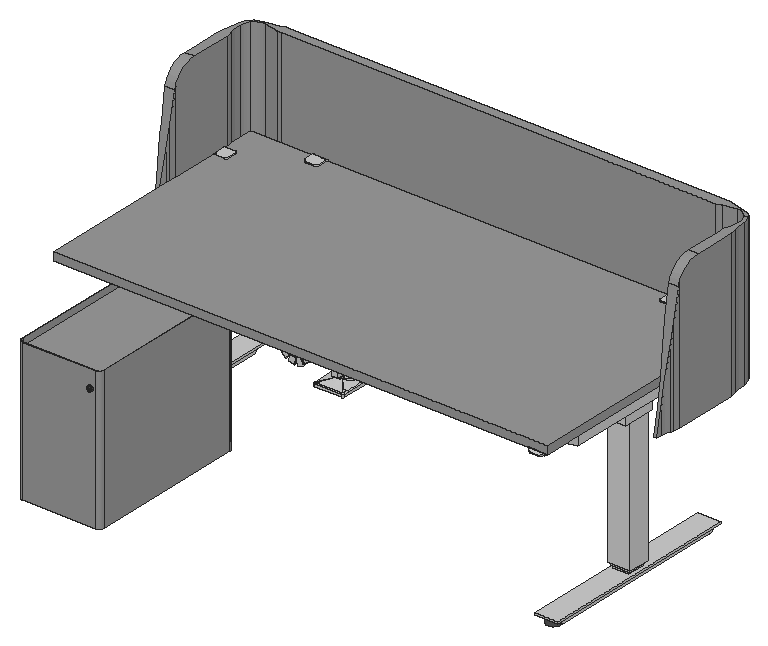
Revit family "Haworth_HiYa_MotorDriven_Rectangle_Desk_EU_PRELIMINARY", category Furniture Systems, Revit 2018 (continued)
Definition of nested family "Haworth_CableChain_PART"
  Automatic sketch dimensions
    Extrusion 38 sketch curve to plane 8 = 0.664 cm
    Extrusion 38 sketch curve to Extrusion 38 sketch curve = 0.1216 cm
    Extrusion 38 sketch curve to Extrusion 38 sketch curve = 0.1182 cm
    plane 8 to Extrusion 38 sketch curve = 0.1338 cm
    Extrusion 38 sketch curve to Extrusion 38 sketch curve = 0.5623 cm
    Extrusion 38 sketch curve to plane 8 = 0.2227 cm
    Extrusion 38 sketch curve to Extrusion 38 sketch curve = 0.3491 cm
    Extrusion 38 sketch curve to Extrusion 38 sketch curve = 0.0072 cm
    Extrusion 38 sketch curve to Extrusion 38 sketch curve = 0.0001 cm
    Extrusion 38 sketch curve to Extrusion 38 sketch curve = 0.093 cm
    Extrusion 38 sketch curve to Extrusion 38 sketch curve = 0.2544 cm
    plane 8 to Extrusion 38 sketch curve = 0.2193 cm
    Extrusion 38 sketch curve to Extrusion 38 sketch curve = 0.1316 cm
    plane 8 to Extrusion 38 sketch curve = 0.0365 cm  (x2)
    Extrusion 38 sketch curve to Extrusion 38 sketch curve = 0.1194 cm
    Extrusion 38 sketch curve to Extrusion 38 sketch curve = 0.4361 cm
    Extrusion 38 sketch curve to Extrusion 38 sketch curve = 0.5676 cm
    plane 8 to Extrusion 38 sketch curve = 0.3839 cm
    Extrusion 38 sketch curve to Extrusion 38 sketch curve = 0.1185 cm  (x2)
    Extrusion 38 sketch curve to Extrusion 38 sketch curve = 1.826 cm
    Extrusion 38 sketch curve to Extrusion 38 sketch curve = 0.0015 cm
    Extrusion 38 sketch curve to Extrusion 38 sketch curve = 0.004 cm
    Extrusion 38 sketch curve to Extrusion 38 sketch curve = 0.0594 cm
    Extrusion 38 sketch curve to Extrusion 38 sketch curve = 0.2783 cm
    Extrusion 38 sketch curve to Extrusion 38 sketch curve = 0.3474 cm
    Extrusion 39 sketch curve to plane 8 = 2.6242 cm
    Extrusion 39 sketch curve to Extrusion 39 sketch curve = 0 cm
    Extrusion 39 sketch curve to Extrusion 39 sketch curve = 0.2183 cm  (x6)
    Extrusion 39 sketch curve to plane 8 = 0.4827 cm  (x2)
    Extrusion 39 sketch curve to Extrusion 39 sketch curve = 0.3167 cm
    Extrusion 39 sketch curve to plane 8 = 0.664 cm
    Extrusion 39 sketch curve to Extrusion 39 sketch curve = 0.1216 cm
    Extrusion 39 sketch curve to Extrusion 39 sketch curve = 0.1182 cm
    plane 8 to Extrusion 39 sketch curve = 0.1338 cm
    Extrusion 39 sketch curve to Extrusion 39 sketch curve = 0.5623 cm
    Extrusion 39 sketch curve to plane 8 = 0.2227 cm
    Extrusion 39 sketch curve to Extrusion 39 sketch curve = 0.3491 cm
    Extrusion 39 sketch curve to Extrusion 39 sketch curve = 0.0072 cm
    Extrusion 39 sketch curve to Extrusion 39 sketch curve = 0.0001 cm
    Extrusion 39 sketch curve to Extrusion 39 sketch curve = 0.093 cm
    Extrusion 39 sketch curve to Extrusion 39 sketch curve = 0.2544 cm
    plane 8 to Extrusion 39 sketch curve = 0.2193 cm
    Extrusion 39 sketch curve to Extrusion 39 sketch curve = 0.1316 cm
    plane 8 to Extrusion 39 sketch curve = 0.0365 cm  (x2)
    Extrusion 39 sketch curve to Extrusion 39 sketch curve = 0.1194 cm
    Extrusion 39 sketch curve to Extrusion 39 sketch curve = 0.4361 cm
    Extrusion 39 sketch curve to Extrusion 39 sketch curve = 0.5676 cm
    plane 8 to Extrusion 39 sketch curve = 0.3839 cm
    Extrusion 39 sketch curve to Extrusion 39 sketch curve = 0.1185 cm  (x2)
    Extrusion 39 sketch curve to Extrusion 39 sketch curve = 1.826 cm
    Extrusion 39 sketch curve to Extrusion 39 sketch curve = 0.0015 cm
    Extrusion 39 sketch curve to Extrusion 39 sketch curve = 0.004 cm
    Extrusion 39 sketch curve to Extrusion 39 sketch curve = 0.0594 cm
    Extrusion 39 sketch curve to Extrusion 39 sketch curve = 0.2783 cm
    Extrusion 39 sketch curve to Extrusion 39 sketch curve = 0.3474 cm
    Extrusion 40 sketch curve to plane 8 = 2.6242 cm
    Extrusion 40 sketch curve to Extrusion 40 sketch curve = 0 cm
    Extrusion 40 sketch curve to Extrusion 40 sketch curve = 0.2183 cm  (x6)
    Extrusion 40 sketch curve to plane 8 = 0.4827 cm  (x2)
    Extrusion 40 sketch curve to Extrusion 40 sketch curve = 0.3167 cm
    Extrusion 40 sketch curve to plane 8 = 0.664 cm
    Extrusion 40 sketch curve to Extrusion 40 sketch curve = 0.1216 cm
    Extrusion 40 sketch curve to Extrusion 40 sketch curve = 0.1182 cm
    plane 8 to Extrusion 40 sketch curve = 0.1338 cm
    Extrusion 40 sketch curve to Extrusion 40 sketch curve = 0.5623 cm
    Extrusion 40 sketch curve to plane 8 = 0.2227 cm
    Extrusion 40 sketch curve to Extrusion 40 sketch curve = 0.3491 cm
    Extrusion 40 sketch curve to Extrusion 40 sketch curve = 0.0072 cm
    Extrusion 40 sketch curve to Extrusion 40 sketch curve = 0.0001 cm
    Extrusion 40 sketch curve to Extrusion 40 sketch curve = 0.093 cm
    Extrusion 40 sketch curve to Extrusion 40 sketch curve = 0.2544 cm
    plane 8 to Extrusion 40 sketch curve = 0.2193 cm
    Extrusion 40 sketch curve to Extrusion 40 sketch curve = 0.1316 cm
    plane 8 to Extrusion 40 sketch curve = 0.0365 cm  (x2)
    Extrusion 40 sketch curve to Extrusion 40 sketch curve = 0.1194 cm
    Extrusion 40 sketch curve to Extrusion 40 sketch curve = 0.4361 cm
    Extrusion 40 sketch curve to Extrusion 40 sketch curve = 0.5676 cm
    plane 8 to Extrusion 40 sketch curve = 0.3839 cm
    Extrusion 40 sketch curve to Extrusion 40 sketch curve = 0.1185 cm  (x2)
    Extrusion 40 sketch curve to Extrusion 40 sketch curve = 1.826 cm
    Extrusion 40 sketch curve to Extrusion 40 sketch curve = 0.0015 cm
    Extrusion 40 sketch curve to Extrusion 40 sketch curve = 0.004 cm
    Extrusion 40 sketch curve to Extrusion 40 sketch curve = 0.0594 cm
    Extrusion 40 sketch curve to Extrusion 40 sketch curve = 0.2783 cm
    Extrusion 40 sketch curve to Extrusion 40 sketch curve = 0.3474 cm
    Extrusion 41 sketch curve to plane 8 = 2.6242 cm
    Extrusion 41 sketch curve to Extrusion 41 sketch curve = 0 cm
    Extrusion 41 sketch curve to Extrusion 41 sketch curve = 0.2183 cm  (x6)
    Extrusion 41 sketch curve to plane 8 = 0.4827 cm  (x2)
    Extrusion 41 sketch curve to Extrusion 41 sketch curve = 0.3167 cm
    Extrusion 41 sketch curve to plane 8 = 0.664 cm
    Extrusion 41 sketch curve to Extrusion 41 sketch curve = 0.1216 cm
    Extrusion 41 sketch curve to Extrusion 41 sketch curve = 0.1182 cm
    plane 8 to Extrusion 41 sketch curve = 0.1338 cm
    Extrusion 41 sketch curve to Extrusion 41 sketch curve = 0.5623 cm
    Extrusion 41 sketch curve to plane 8 = 0.2227 cm
    Extrusion 41 sketch curve to Extrusion 41 sketch curve = 0.3491 cm
    Extrusion 41 sketch curve to Extrusion 41 sketch curve = 0.0072 cm
    Extrusion 41 sketch curve to Extrusion 41 sketch curve = 0.0001 cm
    Extrusion 41 sketch curve to Extrusion 41 sketch curve = 0.093 cm
    Extrusion 41 sketch curve to Extrusion 41 sketch curve = 0.2544 cm
    plane 8 to Extrusion 41 sketch curve = 0.2193 cm
    Extrusion 41 sketch curve to Extrusion 41 sketch curve = 0.1316 cm
    plane 8 to Extrusion 41 sketch curve = 0.0365 cm  (x2)
    Extrusion 41 sketch curve to Extrusion 41 sketch curve = 0.1194 cm
    Extrusion 41 sketch curve to Extrusion 41 sketch curve = 0.4361 cm
    Extrusion 41 sketch curve to Extrusion 41 sketch curve = 0.5676 cm
    plane 8 to Extrusion 41 sketch curve = 0.3839 cm
    Extrusion 41 sketch curve to Extrusion 41 sketch curve = 0.1185 cm  (x2)
    Extrusion 41 sketch curve to Extrusion 41 sketch curve = 1.826 cm
    Extrusion 41 sketch curve to Extrusion 41 sketch curve = 0.0015 cm
    Extrusion 41 sketch curve to Extrusion 41 sketch curve = 0.004 cm
    Extrusion 41 sketch curve to Extrusion 41 sketch curve = 0.0594 cm
    Extrusion 41 sketch curve to Extrusion 41 sketch curve = 0.2783 cm
    Extrusion 41 sketch curve to Extrusion 41 sketch curve = 0.3474 cm
    Extrusion 42 sketch curve to plane 8 = 2.6242 cm
    Extrusion 42 sketch curve to Extrusion 42 sketch curve = 0 cm
    Extrusion 42 sketch curve to Extrusion 42 sketch curve = 0.2183 cm  (x6)
    Extrusion 42 sketch curve to plane 8 = 0.4827 cm  (x2)
    Extrusion 42 sketch curve to Extrusion 42 sketch curve = 0.3167 cm
    Extrusion 42 sketch curve to plane 8 = 0.664 cm
    Extrusion 42 sketch curve to Extrusion 42 sketch curve = 0.1216 cm
    Extrusion 42 sketch curve to Extrusion 42 sketch curve = 0.1182 cm
    plane 8 to Extrusion 42 sketch curve = 0.1338 cm
    Extrusion 42 sketch curve to Extrusion 42 sketch curve = 0.5623 cm
    Extrusion 42 sketch curve to plane 8 = 0.2227 cm
    Extrusion 42 sketch curve to Extrusion 42 sketch curve = 0.3491 cm
    Extrusion 42 sketch curve to Extrusion 42 sketch curve = 0.0072 cm
    Extrusion 42 sketch curve to Extrusion 42 sketch curve = 0.0001 cm
    Extrusion 42 sketch curve to Extrusion 42 sketch curve = 0.093 cm
    Extrusion 42 sketch curve to Extrusion 42 sketch curve = 0.2544 cm
    plane 8 to Extrusion 42 sketch curve = 0.2193 cm
    Extrusion 42 sketch curve to Extrusion 42 sketch curve = 0.1316 cm
    plane 8 to Extrusion 42 sketch curve = 0.0365 cm  (x2)
    Extrusion 42 sketch curve to Extrusion 42 sketch curve = 0.1194 cm
    Extrusion 42 sketch curve to Extrusion 42 sketch curve = 0.4361 cm
    Extrusion 42 sketch curve to Extrusion 42 sketch curve = 0.5676 cm
    Extrusion 42 sketch curve to Extrusion 42 sketch curve = 0.2846 cm
    Extrusion 42 sketch curve to Extrusion 42 sketch curve = 0.1185 cm  (x2)
    Extrusion 42 sketch curve to Extrusion 42 sketch curve = 0.0655 cm
    Extrusion 42 sketch curve to Extrusion 42 sketch curve = 0.062 cm
    Extrusion 42 sketch curve to Extrusion 42 sketch curve = 0.0026 cm
    Extrusion 42 sketch curve to Extrusion 42 sketch curve = 0.004 cm
    plane 8 to Extrusion 42 sketch curve = 0.3839 cm
    Extrusion 42 sketch curve to Extrusion 42 sketch curve = 1.5308 cm
    Extrusion 43 sketch curve to plane 8 = 2.6242 cm
    Extrusion 43 sketch curve to Extrusion 43 sketch curve = 0 cm
    Extrusion 43 sketch curve to Extrusion 43 sketch curve = 0.2183 cm  (x6)
    Extrusion 43 sketch curve to plane 8 = 0.4827 cm  (x2)
    Extrusion 43 sketch curve to Extrusion 43 sketch curve = 0.3167 cm
    Extrusion 43 sketch curve to plane 8 = 0.664 cm
    Extrusion 43 sketch curve to Extrusion 43 sketch curve = 0.1216 cm
    Extrusion 43 sketch curve to Extrusion 43 sketch curve = 0.1182 cm
    plane 8 to Extrusion 43 sketch curve = 0.1338 cm
    Extrusion 43 sketch curve to Extrusion 43 sketch curve = 0.5623 cm
    Extrusion 43 sketch curve to plane 8 = 0.2227 cm
    Extrusion 43 sketch curve to Extrusion 43 sketch curve = 0.3491 cm
    Extrusion 43 sketch curve to Extrusion 43 sketch curve = 0.0072 cm
    Extrusion 43 sketch curve to Extrusion 43 sketch curve = 0.0001 cm
    Extrusion 43 sketch curve to Extrusion 43 sketch curve = 0.093 cm
    Extrusion 43 sketch curve to Extrusion 43 sketch curve = 0.2544 cm
    plane 8 to Extrusion 43 sketch curve = 0.2193 cm
    Extrusion 43 sketch curve to Extrusion 43 sketch curve = 0.1316 cm
    plane 8 to Extrusion 43 sketch curve = 0.0365 cm  (x2)
    Extrusion 43 sketch curve to Extrusion 43 sketch curve = 0.1194 cm
    Extrusion 43 sketch curve to Extrusion 43 sketch curve = 0.4361 cm
    Extrusion 43 sketch curve to Extrusion 43 sketch curve = 0.5676 cm
    Extrusion 43 sketch curve to Extrusion 43 sketch curve = 0.2846 cm
    Extrusion 43 sketch curve to Extrusion 43 sketch curve = 0.1185 cm  (x2)
    Extrusion 43 sketch curve to Extrusion 43 sketch curve = 0.0655 cm
    Extrusion 43 sketch curve to Extrusion 43 sketch curve = 0.062 cm
    Extrusion 43 sketch curve to Extrusion 43 sketch curve = 0.0026 cm
    Extrusion 43 sketch curve to Extrusion 43 sketch curve = 0.004 cm
    plane 8 to Extrusion 43 sketch curve = 0.3839 cm
    Extrusion 43 sketch curve to Extrusion 43 sketch curve = 1.5308 cm
    Extrusion 44 sketch curve to plane 8 = 2.6242 cm
    Extrusion 44 sketch curve to Extrusion 44 sketch curve = 0 cm
    Extrusion 44 sketch curve to Extrusion 44 sketch curve = 0.2183 cm  (x6)
    Extrusion 44 sketch curve to plane 8 = 0.4827 cm  (x2)
    Extrusion 44 sketch curve to Extrusion 44 sketch curve = 0.3167 cm
    Extrusion 44 sketch curve to plane 8 = 0.664 cm
    Extrusion 44 sketch curve to Extrusion 44 sketch curve = 0.1216 cm
    Extrusion 44 sketch curve to Extrusion 44 sketch curve = 0.1182 cm
    plane 8 to Extrusion 44 sketch curve = 0.1338 cm
    Extrusion 44 sketch curve to Extrusion 44 sketch curve = 0.5623 cm
    Extrusion 44 sketch curve to plane 8 = 0.2227 cm
    Extrusion 44 sketch curve to Extrusion 44 sketch curve = 0.3491 cm
    Extrusion 44 sketch curve to Extrusion 44 sketch curve = 0.0072 cm
    Extrusion 44 sketch curve to Extrusion 44 sketch curve = 0.0001 cm
    Extrusion 44 sketch curve to Extrusion 44 sketch curve = 0.093 cm
    Extrusion 44 sketch curve to Extrusion 44 sketch curve = 0.2544 cm
    plane 8 to Extrusion 44 sketch curve = 0.2193 cm
    Extrusion 44 sketch curve to Extrusion 44 sketch curve = 0.1316 cm
    plane 8 to Extrusion 44 sketch curve = 0.0365 cm  (x2)
    Extrusion 44 sketch curve to Extrusion 44 sketch curve = 0.1194 cm
    Extrusion 44 sketch curve to Extrusion 44 sketch curve = 0.4361 cm
    Extrusion 44 sketch curve to Extrusion 44 sketch curve = 0.5676 cm
    Extrusion 44 sketch curve to Extrusion 44 sketch curve = 0.2846 cm
    Extrusion 44 sketch curve to Extrusion 44 sketch curve = 0.1185 cm  (x2)
    Extrusion 44 sketch curve to Extrusion 44 sketch curve = 0.0655 cm
    Extrusion 44 sketch curve to Extrusion 44 sketch curve = 0.062 cm
    Extrusion 44 sketch curve to Extrusion 44 sketch curve = 0.0026 cm
    Extrusion 44 sketch curve to Extrusion 44 sketch curve = 0.004 cm
    plane 8 to Extrusion 44 sketch curve = 0.3839 cm
    Extrusion 44 sketch curve to Extrusion 44 sketch curve = 1.5308 cm
    Extrusion 45 sketch curve to plane 8 = 2.6242 cm
    Extrusion 45 sketch curve to Extrusion 45 sketch curve = 0 cm
    Extrusion 45 sketch curve to Extrusion 45 sketch curve = 0.2183 cm  (x6)
    Extrusion 45 sketch curve to plane 8 = 0.4827 cm  (x2)
    Extrusion 45 sketch curve to Extrusion 45 sketch curve = 0.3167 cm
    Extrusion 45 sketch curve to plane 8 = 0.664 cm
    Extrusion 45 sketch curve to Extrusion 45 sketch curve = 0.1216 cm
    Extrusion 45 sketch curve to Extrusion 45 sketch curve = 0.1182 cm
    plane 8 to Extrusion 45 sketch curve = 0.1338 cm
    Extrusion 45 sketch curve to Extrusion 45 sketch curve = 0.5623 cm
    Extrusion 45 sketch curve to plane 8 = 0.2227 cm
    Extrusion 45 sketch curve to Extrusion 45 sketch curve = 0.3491 cm
    Extrusion 45 sketch curve to Extrusion 45 sketch curve = 0.0072 cm
    Extrusion 45 sketch curve to Extrusion 45 sketch curve = 0.0001 cm
    Extrusion 45 sketch curve to Extrusion 45 sketch curve = 0.093 cm
    Extrusion 45 sketch curve to Extrusion 45 sketch curve = 0.2544 cm
    plane 8 to Extrusion 45 sketch curve = 0.2193 cm
    Extrusion 45 sketch curve to Extrusion 45 sketch curve = 0.1316 cm
    plane 8 to Extrusion 45 sketch curve = 0.0365 cm  (x2)
    Extrusion 45 sketch curve to Extrusion 45 sketch curve = 0.1194 cm
    Extrusion 45 sketch curve to Extrusion 45 sketch curve = 0.4361 cm
    Extrusion 45 sketch curve to Extrusion 45 sketch curve = 0.5676 cm
    plane 8 to Extrusion 45 sketch curve = 0.3839 cm
    Extrusion 45 sketch curve to Extrusion 45 sketch curve = 0.1185 cm  (x2)
    Extrusion 45 sketch curve to Extrusion 45 sketch curve = 1.826 cm
    Extrusion 45 sketch curve to Extrusion 45 sketch curve = 0.0015 cm
    Extrusion 45 sketch curve to Extrusion 45 sketch curve = 0.004 cm
    Extrusion 45 sketch curve to Extrusion 45 sketch curve = 0.0594 cm
    Extrusion 45 sketch curve to Extrusion 45 sketch curve = 0.2783 cm
    Extrusion 45 sketch curve to Extrusion 45 sketch curve = 0.3474 cm
    Extrusion 46 sketch curve to plane 4 = 0.0361 cm
    plane 7 "Front" to Extrusion 46 sketch curve = 0.0046 cm
    Extrusion 46 sketch curve to plane 4 = 0.5361 cm  (x2)
    plane 6 to Extrusion 46 sketch curve = 0.0686 cm
    Extrusion 46 sketch curve to plane 6 = 0.4314 cm
    plane 5 to Extrusion 46 sketch curve = 2.3999 cm
    Extrusion 46 sketch curve to Extrusion 46 sketch curve = 0.5 cm
    Blend 47 sketch curve to plane 4 = 0.0361 cm
    Blend 47 sketch curve to Blend 47 sketch curve = 0.5 cm  (x3)
    plane 7 "Front" to Blend 47 sketch curve = 0.0046 cm
    plane 5 to Blend 47 sketch curve = 2.3999 cm  (x2)
    Blend 47 sketch curve to plane 6 = 0.4314 cm
    Blend 47 sketch curve to plane 4 = 0.2749 cm  (x2)
    Blend 47 sketch curve to Blend 47 sketch curve = 0.6 cm  (x3)
    Blend 47 sketch curve to plane 6 = 0.1703 cm
    plane 7 "Front" to Blend 47 sketch curve = 0.8434 cm  (x2)
    plane 5 to Blend 47 sketch curve = 2.7388 cm
    Blend 47 sketch curve to plane 6 = 0.7703 cm
    plane 5 to Blend 47 sketch curve = 2.7387 cm
    Blend 47 sketch curve to Blend 47 sketch curve = 0 cm  (x3)
    Blend 48 sketch curve to plane 4 = 0.2749 cm  (x2)
    Blend 48 sketch curve to Blend 48 sketch curve = 0.6 cm  (x4)
    plane 7 "Front" to Blend 48 sketch curve = 0.2434 cm
    plane 5 to Blend 48 sketch curve = 2.7388 cm
    Blend 48 sketch curve to plane 6 = 0.1703 cm
    plane 5 to Blend 48 sketch curve = 2.7387 cm
    plane 7 "Front" to Blend 48 sketch curve = 0.8434 cm
    Blend 48 sketch curve to plane 6 = 0.7703 cm
    Blend 48 sketch curve to Blend 48 sketch curve = 0 cm  (x4)
    Revolve 49 sketch curve to plane 4 = 5.5634 cm
    Revolve 49 sketch curve to Revolve 49 sketch curve = 0.2607 cm
    Revolve 49 sketch curve to Revolve 49 sketch curve = 0.0567 cm  (x2)
    Revolve 49 sketch curve to Revolve 49 sketch curve = 0.2894 cm
    plane 2 to Revolve 49 sketch curve = 3.3951 cm
    Revolve 49 sketch curve to Revolve 49 sketch curve = 0.0898 cm
    plane 2 to Revolve 49 sketch curve = 2.4296 cm
    Revolve 49 sketch curve to Revolve 49 sketch curve = 0.7212 cm
    plane 2 to Revolve 49 sketch curve = 2.244 cm
    Revolve 49 sketch curve to Revolve 49 sketch curve = 0.0781 cm
    Revolve 49 sketch curve to Revolve 49 sketch curve = 0.1738 cm
    Revolve 49 sketch curve to Revolve 49 sketch curve = 0.0633 cm
    Revolve 49 sketch curve to Revolve 49 sketch curve = 0 cm  (x3)
    plane 8 to Blend 48 sketch curve = 0.036 cm
    Blend 48 sketch curve to plane 4 = 5.5634 cm
    Blend 48 sketch curve to Blend 48 sketch curve = 0.9731 cm
    plane 8 to Extrusion 50 sketch curve = 0.0079 cm
    Extrusion 50 sketch curve to plane 8 = 0.2493 cm
    Extrusion 50 sketch curve to Extrusion 50 sketch curve = 0.2571 cm
    plane 9 to Extrusion 50 sketch curve = 2.5077 cm
    Extrusion 50 sketch curve to Extrusion 50 sketch curve = 0.2364 cm
    plane 8 to Extrusion 50 sketch curve = 0.0807 cm
    Extrusion 50 sketch curve to Extrusion 50 sketch curve = 0.0729 cm
    Extrusion 50 sketch curve to Extrusion 50 sketch curve = 0.2002 cm
    plane 8 to Extrusion 51 sketch curve = 0.1921 cm  (x2)
    plane 3 "Right" to Extrusion 51 sketch curve = 1.8321 cm
    plane 8 to Extrusion 51 sketch curve = 0.3794 cm
    Extrusion 51 sketch curve to Extrusion 51 sketch curve = 0.1873 cm  (x4)
    plane 3 "Right" to Extrusion 51 sketch curve = 0.762 cm  (x2)
    Extrusion 51 sketch curve to plane 8 = 0.6906 cm  (x2)
    Extrusion 52 sketch curve to plane 8 = 0.6232 cm
    plane 3 "Right" to Extrusion 52 sketch curve = 1.7185 cm
    plane 8 to Extrusion 52 sketch curve = 0.2659 cm
    Extrusion 52 sketch curve to Extrusion 52 sketch curve = 0.1412 cm  (x5)
    plane 8 to Extrusion 52 sketch curve = 0.2656 cm
    Extrusion 52 sketch curve to Extrusion 52 sketch curve = 0.7483 cm
    Extrusion 52 sketch curve to Extrusion 52 sketch curve = 0.1408 cm
    plane 8 to Extrusion 52 sketch curve = 0.1247 cm
    plane 8 to Extrusion 52 sketch curve = 0.1248 cm
Definition of nested family "Haworth_CableOutlet_Round_PART"
  Parameters (values of type "Cable Outlet")
    Warranty = "http://www.haworth.com/resources/product-info/warranties"
    URL = "www.haworth.com"
    Trim Finish = none
    Sustainability Info = "https://www.haworth.com/company-info/sustainability"
    Size = "Verify Final Dim. w/ Haworth"  # constant formula
    Revision Number = "1"  # constant formula
    Model = "X742"  # constant formula
    Manufacturer = "Haworth"  # constant formula
    Description = "Haworth - Cable Outlet - 25mm"  # constant formula
    Author = "Haworth (Abd Rahman)"  # constant formula
    Assembly Code = "E2020200"
    Actual Width = 9 cm  # constant formula
    Actual Height = 0.2 cm  # constant formula
    Actual Depth = 9 cm  # constant formula
  Reference planes (cm)
    plane 1: z = 52.2232
    plane 2 "Center L/R": x = -15.6859
    plane 3 "Center F/B": y = -29.21
    plane 4 "Top": z = 52.4232
    plane 5 "Back": y = -24.71
    plane 6 "Front": y = -33.71
    plane 7 "Right": x = -11.1859
    plane 8 "Left": x = -20.1859
  Forms (cm)
    Revolve 1, solid, material <- "Trim Finish"
      sketch origin (0, -29.2849, 0) x (-1, 0, 0) y (0, 0, 1)
        loop
          line (15.6859, 52.4232) -> (11.596, 52.4232)
          arc (11.596, 52.4232) -> (11.4044, 52.355) -> (11.2496, 52.2232) r 0.562
          line (11.2496, 52.2232) -> (15.6859, 52.2232) -> (15.6859, 52.4232)
        axis (15.6859, 52.4232) -> (15.6859, 52.2232)
      angle from 0 to 360
    Extrusion 2, void
      sketch origin (0, 0, 0) x (1, 0, 0) y (0, 1, 0)
        loop
          line (-17.5569, -26.0506) -> (-17.3333, -28.1782)
          arc (-17.3333, -28.1782) -> (-17.1796, -28.323) -> (-16.9822, -28.2479) r 0.1989
          arc (-16.9822, -28.2479) -> (-16.9186, -28.1652) -> (-16.8471, -28.0891) r 1.0616
          arc (-16.8471, -28.0891) -> (-16.3186, -27.7135) -> (-15.6859, -27.5721) r 1.6402
          arc (-15.6859, -27.5721) -> (-15.1781, -27.6415) -> (-14.7164, -27.8643) r 1.6402
          arc (-14.7164, -27.8643) -> (-14.5025, -27.8909) -> (-14.3853, -27.7099) r 0.203
          line (-14.3853, -27.7099) -> (-14.1679, -25.8137)
          arc (-14.1679, -25.8137) -> (-15.8906, -25.5293) -> (-17.5569, -26.0506) r 3.7744
      from 0 to 71.12
  Cuts and joins
    Extrusion 2 cuts Revolve 1
  Lines and regions (cm)
    Masking region 1
      outline origin (0, 0, 0) x (1, 0, 0) y (0, 1, 0)
        loop
          circle (-15.6859, -29.2849) r 4.4363
        loop
          circle (-15.6859, -29.2849) r 4.0899
        loop
          line (-14.3853, -27.7099) -> (-14.1679, -25.8137)
          arc (-14.1679, -25.8137) -> (-15.8906, -25.5293) -> (-17.5569, -26.0506) r 3.7744
          line (-17.5569, -26.0506) -> (-17.3333, -28.1782)
          arc (-17.3333, -28.1782) -> (-17.1796, -28.323) -> (-16.9822, -28.2479) r 0.1989
          arc (-16.9822, -28.2479) -> (-16.9186, -28.1652) -> (-16.8471, -28.0891) r 1.0616
          arc (-16.8471, -28.0891) -> (-16.3186, -27.7135) -> (-15.6859, -27.5721) r 1.6402
          arc (-15.6859, -27.5721) -> (-15.1781, -27.6415) -> (-14.7164, -27.8643) r 1.6402
          arc (-14.7164, -27.8643) -> (-14.5025, -27.8909) -> (-14.3853, -27.7099) r 0.203
  Dimensions and locks (cm)
    equal spacing: plane 8 "Left", plane 2 "Center L/R", plane 7 "Right"
    "Actual Width": plane 8 "Left" to plane 7 "Right"
    equal spacing: plane 5 "Back", plane 3 "Center F/B", plane 6 "Front"
    "Actual Depth": plane 5 "Back" to plane 6 "Front"
    "Actual Height": plane 4 "Top" to plane 1
  Automatic sketch dimensions
    Revolve 1 sketch curve to plane 1 = 0 cm  (x2)
    Revolve 1 sketch curve to plane 4 "Top" = 0 cm  (x2)
    Revolve 1 sketch curve to plane 2 "Center L/R" = 0 cm  (x2)
    Revolve 1 sketch curve to plane 7 "Right" = 0.4995 cm
    Revolve 1 sketch curve to plane 7 "Right" = 0.4101 cm
    Revolve 1 sketch curve to plane 7 "Right" = 0.0637 cm
    Extrusion 2 sketch curve to Extrusion 2 sketch curve = 0 cm  (x4)
    Extrusion 2 sketch curve to plane 2 "Center L/R" = 0 cm
    Extrusion 2 sketch curve to plane 2 "Center L/R" = 0.4242 cm
    Extrusion 2 sketch curve to Extrusion 2 sketch curve = 1.0307 cm
    plane 3 "Center F/B" to Extrusion 2 sketch curve = 0.002 cm
    plane 2 "Center L/R" to Extrusion 2 sketch curve = 0.0345 cm
    plane 2 "Center L/R" to Extrusion 2 sketch curve = 0.0586 cm
    plane 2 "Center L/R" to Extrusion 2 sketch curve = 1.0976 cm
    Extrusion 2 sketch curve to Extrusion 2 sketch curve = 0.203 cm
    plane 2 "Center L/R" to Extrusion 2 sketch curve = 1.518 cm
    plane 3 "Center F/B" to Extrusion 2 sketch curve = 0.0845 cm
    Extrusion 2 sketch curve to plane 3 "Center F/B" = 0.3569 cm
    Extrusion 2 sketch curve to plane 3 "Center F/B" = 1.0822 cm
    Extrusion 2 sketch curve to Extrusion 2 sketch curve = 0.0031 cm
    Extrusion 2 sketch curve to plane 5 "Back" = 1.3406 cm
    Extrusion 2 sketch curve to Extrusion 2 sketch curve = 0.2938 cm
    Extrusion 2 sketch curve to Extrusion 2 sketch curve = 0.1586 cm
    Extrusion 2 sketch curve to Extrusion 2 sketch curve = 0.1925 cm
    Extrusion 2 sketch curve to Extrusion 2 sketch curve = 0.1281 cm
    Masking region 1 sketch curve to Masking region 1 sketch curve = 0 cm  (x4)
    Masking region 1 sketch curve to plane 2 "Center L/R" = 0 cm  (x2)
    Masking region 1 sketch curve to plane 2 "Center L/R" = 0.4242 cm
    Masking region 1 sketch curve to Masking region 1 sketch curve = 1.0307 cm
    Masking region 1 sketch curve to plane 3 "Center F/B" = 1.0318 cm
    Masking region 1 sketch curve to Masking region 1 sketch curve = 0.1925 cm
    Masking region 1 sketch curve to plane 2 "Center L/R" = 1.871 cm
    plane 3 "Center F/B" to Masking region 1 sketch curve = 0.002 cm
    plane 2 "Center L/R" to Masking region 1 sketch curve = 0.0345 cm
    plane 2 "Center L/R" to Masking region 1 sketch curve = 0.0586 cm
    plane 2 "Center L/R" to Masking region 1 sketch curve = 1.0976 cm
    Masking region 1 sketch curve to Masking region 1 sketch curve = 0.203 cm
    plane 2 "Center L/R" to Masking region 1 sketch curve = 1.518 cm
    plane 3 "Center F/B" to Masking region 1 sketch curve = 0.0749 cm
    Masking region 1 sketch curve to Masking region 1 sketch curve = 0.0096 cm
    Masking region 1 sketch curve to plane 3 "Center F/B" = 0.3569 cm
    Masking region 1 sketch curve to Masking region 1 sketch curve = 0.0504 cm
    Masking region 1 sketch curve to plane 3 "Center F/B" = 1.5001 cm
    Masking region 1 sketch curve to Masking region 1 sketch curve = 0.0031 cm
    Masking region 1 sketch curve to plane 5 "Back" = 1.3406 cm
    Masking region 1 sketch curve to Masking region 1 sketch curve = 0.2938 cm
    Masking region 1 sketch curve to Masking region 1 sketch curve = 0.1586 cm
    radius of Masking region 1 sketch curve = 4.4363 cm
    radius of Masking region 1 sketch curve = 4.0899 cm
Definition of nested family "Haworth-Flip_Top"
  Parameters (values of type "Flip Top")
    Warranty = ""
    URL - Product = ""
    URL = ""
    Sustainability Info = ""
    Size = "Verify Final Dim. w/ Haworth"  # constant formula
    Single Sided = no
    Single Sided Wide = no
    Revision Number = ""
    OmniClass Number = ""
    Material Options = ""
    Manufacturer = "Haworth"  # constant formula
    LEED Data = ""
    Flip Top Finish = none
    Double Sided = no
    Double Sided Wide = no
    Author = "SHAPE Environments, LLC"  # constant formula
    Assembly Code = ""
    Actual Width = 50 cm
    Actual Height = 73.66 cm
    Actual Depth = 15 cm
  Reference planes (cm)
    plane 1 "Center F/B": y = 0.1333
    plane 2: z = 0
    plane 3 "Center L/R": x = 1.4487
    plane 4 "Back": y = 7.6333
    plane 5 "Right": x = 26.4487
    plane 6 "Front": y = -7.3667
    plane 7 "Left": x = -23.5513
    plane 8 "Table Height": z = 73.66
  Forms (cm)
    Extrusion 1, solid, material <- "Flip Top Finish"
      sketch origin (0, 0, 73.66) x (-1, 0, 0) y (0, -1, 0)
        loop
          line (23.5513, -7.6333) -> (23.5513, 7.3667) -> (-26.4487, 7.3667) -> (-26.4487, -7.6333) -> (23.5513, -7.6333)
      from 0 to 0.3175
    Extrusion 2, solid, material <- "Flip Top Finish"
      sketch origin (0, 0, 73.66) x (-1, 0, 0) y (0, -1, 0)
        loop
          line (23.2338, -7.1571) -> (23.2338, 6.8904) -> (-26.1312, 6.8904) -> (-26.1312, -7.1571) -> (23.2338, -7.1571)
      from 0 to -6.985
  Cuts and joins
    joined: Extrusion 1, Extrusion 2
  Lines and regions (cm)
    symbolic lines
      curve 1: line (-23.5513, 7.6333, 73.66) -> (26.4487, 7.6333, 73.66)
      curve 2: line (-23.5513, -7.3667, 73.66) -> (-23.5513, 7.6333, 73.66)
      curve 3: line (26.4487, -7.3667, 73.66) -> (-23.5513, -7.3667, 73.66)
      curve 4: line (26.4487, 7.6333, 73.66) -> (26.4487, -7.3667, 73.66)
  Dimensions and locks (cm)
    equal spacing: plane 7 "Left", plane 3 "Center L/R", plane 5 "Right"
    "Actual Width": plane 7 "Left" to plane 5 "Right"
    equal spacing: plane 6 "Front", plane 1 "Center F/B", plane 4 "Back"
    "Actual Depth": plane 4 "Back" to plane 6 "Front"
    plane 7 "Left" to Extrusion 2 sketch curve = 0.3175 cm
    plane 4 "Back" to Extrusion 2 sketch curve = 0.4762 cm
    Extrusion 2 sketch curve to plane 5 "Right" = 0.3175 cm
    Extrusion 2 sketch curve to plane 6 "Front" = 0.4762 cm
    "Actual Height": plane 8 "Table Height" to level
    aligned and locked: plane 7 "Left" to Extrusion 1 sketch curve
    aligned and locked: Extrusion 1 sketch curve to plane 4 "Back"
    aligned and locked: Extrusion 1 sketch curve to plane 6 "Front"
    aligned and locked: Extrusion 1 sketch curve to plane 5 "Right"
  Automatic sketch dimensions
    curve 4 to plane 5 "Right" = 0 cm
    curve 2 to plane 4 "Back" = 0 cm
    curve 2 to plane 7 "Left" = 0 cm
    curve 4 to plane 6 "Front" = 0 cm
Definition of nested family "Haworth_CableOutlet_U-Shape_PART"
  Parameters (values of type "Cable Outlet")
    Warranty = "http://www.haworth.com/resources/product-info/warranties"
    URL = "www.haworth.com"
    Trim Finish = none
    Sustainability Info = "https://www.haworth.com/company-info/sustainability"
    Size = "Verify Final Dim. w/ Haworth"  # constant formula
    Revision Number = "1"  # constant formula
    Model = "X742"  # constant formula
    Manufacturer = "Haworth"  # constant formula
    Description = "Haworth - Cable Outlet - U - Shape"  # constant formula
    Author = "Haworth (Abd Rahman)"  # constant formula
    Assembly Code = "E2020200"
    Actual Width = 7 cm  # constant formula
    Actual Height = 4 cm  # constant formula
    Actual Depth = 7 cm  # constant formula
  Reference planes (cm)
    plane 1: z = 52.2232
    plane 2 "Center L/R": x = -15.6859
    plane 3 "Center F/B": y = -29.21
    plane 4 "Top": z = 56.2232
    plane 5 "Back": y = -25.71
    plane 6 "Front": y = -32.71
    plane 7 "Right": x = -12.1859
    plane 8 "Left": x = -19.1859
  Forms (cm)
    Extrusion 1, solid, material <- "Trim Finish"
      sketch origin (-12.1859, 0, 0) x (0, 1, 0) y (0, 0, 1)
        loop
          line (-32.71, 56.2232) -> (-32.71, 55.7232) -> (-26.4831, 55.7232) -> (-26.4831, 52.7232) -> (-32.71, 52.7232) -> (-32.71, 52.2232) -> (-25.71, 52.2232) -> (-25.71, 53.0231) -> (-25.71, 55.5734) -> (-25.71, 56.2232) -> (-32.71, 56.2232)
      from -7 to 0
  Lines and regions (cm)
    Masking region 1
      outline origin (0, 0, 0) x (1, 0, 0) y (0, 1, 0)
        loop
          line (-19.1859, -25.71) -> (-19.1859, -32.71) -> (-12.1859, -32.71) -> (-12.1859, -25.71) -> (-19.1859, -25.71)
  Dimensions and locks (cm)
    equal spacing: plane 8 "Left", plane 2 "Center L/R", plane 7 "Right"
    "Actual Width": plane 8 "Left" to plane 7 "Right"
    equal spacing: plane 5 "Back", plane 3 "Center F/B", plane 6 "Front"
    "Actual Depth": plane 5 "Back" to plane 6 "Front"
    "Actual Height": plane 4 "Top" to plane 1
    aligned and locked: Extrusion 1 to plane 8 "Left"
    aligned and locked: plane 7 "Right" to Extrusion 1
    aligned and locked: Masking region 1 sketch curve to plane 7 "Right"
    aligned and locked: Masking region 1 sketch curve to plane 5 "Back"
    aligned and locked: plane 8 "Left" to Masking region 1 sketch curve
    aligned and locked: plane 6 "Front" to Masking region 1 sketch curve
  Automatic sketch dimensions
    Extrusion 1 sketch curve to plane 4 "Top" = 0 cm
    Extrusion 1 sketch curve to plane 6 "Front" = 0 cm  (x2)
    Extrusion 1 sketch curve to plane 5 "Back" = 0 cm
    Extrusion 1 sketch curve to plane 1 = 0 cm
    Extrusion 1 sketch curve to Extrusion 1 sketch curve = 0.2999 cm
    Extrusion 1 sketch curve to Extrusion 1 sketch curve = 0.7731 cm
    Extrusion 1 sketch curve to plane 4 "Top" = 0.6498 cm
    Extrusion 1 sketch curve to plane 4 "Top" = 0.5 cm
    plane 1 to Extrusion 1 sketch curve = 0.7999 cm
Definition of nested family "Haworth_Lyft_CableTray_Horizontal-PART"
  Parameters (values of type "Cable tray")
    Warranty = "https://www.haworth.com/resources/product-info/warranties"
    URL = "https://www.haworth.com"
    Size = "Verify Final Dim. w/Haworth"  # constant formula
    Revision Number = "1"  # constant formula
    Model = "Haworth Cable Tray"  # constant formula
    Manufacturer = "Haworth, Inc."  # constant formula
    Frame Finish = none
    Description = "Haworth Cable Tray"  # constant formula
    Author = "Haworth (Abd Rahman)"  # constant formula
    Actual Width = 100 cm
    Actual Height = 10.3 cm  # constant formula
    Actual Depth = 19.6 cm  # constant formula
  Reference planes (cm)
    plane 1 "Center (Front/Back)": y = 0
    plane 2: z = 0
    plane 3 "Center (Left/Right)": x = 0
    plane 4: x = -50
    plane 5: z = 61.2
    plane 6: x = 50
    plane 7: y = 19.6
    plane 8: z = 71.5
    plane 9: y = 9.8
    plane 10: x = 49.302
    plane 11: x = -49.298
    plane 12: x = 46.202
    plane 13: x = -46.198
    plane 14: z = 69.2
    plane 15: x = -29.198
    plane 16: x = 29.202
    plane 17: x = 48.1716
    plane 18: x = -48.1716
  Forms (cm)
    Extrusion 1, solid, material <- "Frame Finish"
      sketch origin (0, 0, 0) x (0, 1, 0) y (0, 0, 1)
        loop
          line (3.5328, 69.101) -> (3.5328, 61.3973)
          arc (3.5328, 61.3973) -> (3.5905, 61.2578) -> (3.73, 61.2) r 0.1973
          line (3.73, 61.2) -> (15.8371, 61.2)
          arc (15.8371, 61.2) -> (15.9755, 61.2573) -> (16.0328, 61.3956) r 0.1956
          line (16.0328, 61.3956) -> (16.0328, 69.1) -> (15.9328, 69.1) -> (15.9328, 61.3966)
          arc (15.9328, 61.3966) -> (15.9045, 61.3283) -> (15.8362, 61.3) r 0.0966
          line (15.8362, 61.3) -> (3.7297, 61.3)
          arc (3.7297, 61.3) -> (3.6612, 61.3284) -> (3.6328, 61.397) r 0.097
          line (3.6328, 61.397) -> (3.6328, 69.1) -> (3.5328, 69.101)
      from -49.298 to 49.302
    Extrusion 2, void
      sketch origin (0, 0, 0) x (1, 0, 0) y (0, 0, 1)
        loop
          arc (-29.198, 65.7) -> (-28.9051, 64.9929) -> (-28.198, 64.7) r 1
          line (-28.198, 64.7) -> (28.202, 64.7)
          arc (28.202, 64.7) -> (28.9091, 64.9929) -> (29.202, 65.7) r 1
          line (29.202, 65.7) -> (29.202, 71.5) -> (-29.198, 71.5) -> (-29.198, 65.7)
      from -9.8 to 0
    Extrusion 3, solid, material <- "Frame Finish"
      sketch origin (0, 0, 0) x (1, 0, 0) y (0, 0, 1)
        loop
          line (-50, 71.301) -> (-50, 68.2) -> (-49.298, 68.2) -> (-49.298, 70.8122) -> (-46.198, 70.8122) -> (-46.198, 71.5) -> (-49.801, 71.5)
          arc (-49.801, 71.5) -> (-49.9417, 71.4417) -> (-50, 71.301) r 0.199
      from -16.9828 to -2.5813
    Extrusion 4, solid, material <- "Frame Finish"
      sketch origin (0, 0, 0) x (0, 1, 0) y (0, 0, 1)
        loop
          line (2.4529, 70.3152) -> (1.3876, 68.4702)
          arc (1.3876, 68.4702) -> (1.3337, 68.4088) -> (1.2604, 68.3726) r 0.2096
          line (1.2604, 68.3726) -> (-0.0246, 68.0283) -> (0.0232, 67.8499) -> (1.8879, 67.7833)
          arc (1.8879, 67.7833) -> (2.0648, 67.8792) -> (2.0666, 68.0804) r 0.1982
          line (2.0666, 68.0804) -> (1.7301, 68.6633) -> (1.8813, 68.9252) -> (1.9797, 68.7446)
          arc (1.9797, 68.7446) -> (2.0815, 68.7146) -> (2.1114, 68.8164) r 0.075
          line (2.1114, 68.8164) -> (1.9692, 69.0774) -> (2.6261, 70.2152) -> (2.7828, 70.4719) -> (2.7828, 70.8663) -> (2.5813, 71.5048) -> (2.5813, 70.7944)
          arc (2.5813, 70.7944) -> (2.5962, 70.7508) -> (2.6296, 70.7189) r 0.0975
          arc (2.6296, 70.7189) -> (2.6685, 70.68) -> (2.6828, 70.6268) r 0.1064
          line (2.6828, 70.6268) -> (2.6828, 70.5) -> (2.6247, 70.4065)
          arc (2.6247, 70.4065) -> (2.5956, 70.3792) -> (2.5578, 70.3664) r 0.0944
          arc (2.5578, 70.3664) -> (2.4975, 70.3568) -> (2.4529, 70.3152) r 0.1044
      from 46.202 to 48.1716
    Extrusion 5, solid, material <- "Frame Finish"
      sketch origin (0, 0, 0) x (0, 1, 0) y (0, 0, -1)
        loop
          arc (2.4529, -70.3152) -> (2.4975, -70.3568) -> (2.5578, -70.3664) r 0.1044
          arc (2.5578, -70.3664) -> (2.5956, -70.3792) -> (2.6247, -70.4065) r 0.0944
          line (2.6247, -70.4065) -> (2.6828, -70.5) -> (2.6828, -70.6268)
          arc (2.6828, -70.6268) -> (2.6685, -70.68) -> (2.6296, -70.7189) r 0.1064
          arc (2.6296, -70.7189) -> (2.5962, -70.7508) -> (2.5813, -70.7944) r 0.0975
          line (2.5813, -70.7944) -> (2.5813, -71.5048) -> (2.7828, -70.8663) -> (2.7828, -70.4719) -> (2.6261, -70.2152) -> (1.9692, -69.0774) -> (2.1114, -68.8164)
          arc (2.1114, -68.8164) -> (2.0815, -68.7146) -> (1.9797, -68.7446) r 0.075
          line (1.9797, -68.7446) -> (1.8813, -68.9252) -> (1.7301, -68.6633) -> (2.0666, -68.0804)
          arc (2.0666, -68.0804) -> (2.0648, -67.8792) -> (1.8879, -67.7833) r 0.1982
          line (1.8879, -67.7833) -> (0.0232, -67.8499) -> (-0.0246, -68.0283) -> (1.2604, -68.3726)
          arc (1.2604, -68.3726) -> (1.3337, -68.4088) -> (1.3876, -68.4702) r 0.2096
          line (1.3876, -68.4702) -> (2.4529, -70.3152)
      from 46.198 to 48.1716
    Extrusion 6, solid, material <- "Frame Finish"
      sketch origin (0, 0, 0) x (0, 1, 0) y (0, 0, 1)
        loop
          arc (5.689, 70.3207) -> (5.8677, 70.6712) -> (6.2349, 70.8122) r 0.5489
          line (6.2349, 70.8122) -> (4.9732, 70.8122) -> (4.9728, 68.7344)
          arc (4.9728, 68.7344) -> (4.9607, 68.6959) -> (4.9288, 68.6714) r 0.067
          line (4.9288, 68.6714) -> (3.5904, 68.183) -> (2.9867, 68.5316) -> (2.8257, 68.0893) -> (2.9242, 67.972) -> (3.2984, 67.7559)
          arc (3.2984, 67.7559) -> (3.5275, 67.6836) -> (3.7657, 67.715) r 0.5549
          line (3.7657, 67.715) -> (5.1388, 68.2147)
          arc (5.1388, 68.2147) -> (5.3985, 68.4034) -> (5.5188, 68.7011) r 0.5824
          line (5.5188, 68.7011) -> (5.689, 70.3207)
      from -48.1716 to -46.198
    Extrusion 7, solid, material <- "Frame Finish"
      sketch origin (0, 0, 0) x (0, 1, 0) y (0, 0, -1)
        loop
          line (5.689, -70.3207) -> (5.5188, -68.7011)
          arc (5.5188, -68.7011) -> (5.3985, -68.4034) -> (5.1388, -68.2147) r 0.5824
          line (5.1388, -68.2147) -> (3.7657, -67.715)
          arc (3.7657, -67.715) -> (3.5275, -67.6836) -> (3.2984, -67.7559) r 0.5549
          line (3.2984, -67.7559) -> (2.9242, -67.972) -> (2.8257, -68.0893) -> (2.9867, -68.5316) -> (3.5904, -68.183) -> (4.9288, -68.6714)
          arc (4.9288, -68.6714) -> (4.9607, -68.6959) -> (4.9728, -68.7344) r 0.067
          line (4.9728, -68.7344) -> (4.9732, -70.8122) -> (6.2349, -70.8122)
          arc (6.2349, -70.8122) -> (5.8677, -70.6712) -> (5.689, -70.3207) r 0.5489
      from -48.1716 to -46.202
    Extrusion 8, solid, material <- "Frame Finish"
      sketch origin (0, 19.6, 0) x (0, -1, 0) y (0, 0, -1)
        loop
          arc (2.4529, -70.3152) -> (2.4975, -70.3568) -> (2.5578, -70.3664) r 0.1044
          arc (2.5578, -70.3664) -> (2.5956, -70.3792) -> (2.6247, -70.4065) r 0.0944
          line (2.6247, -70.4065) -> (2.6828, -70.5) -> (2.6828, -70.6268)
          arc (2.6828, -70.6268) -> (2.6685, -70.68) -> (2.6296, -70.7189) r 0.1064
          arc (2.6296, -70.7189) -> (2.5962, -70.7508) -> (2.5813, -70.7944) r 0.0975
          line (2.5813, -70.7944) -> (2.5813, -71.5048) -> (2.7828, -70.8663) -> (2.7828, -70.4719) -> (2.6261, -70.2152) -> (1.9692, -69.0774) -> (2.1114, -68.8164)
          arc (2.1114, -68.8164) -> (2.0815, -68.7146) -> (1.9797, -68.7446) r 0.075
          line (1.9797, -68.7446) -> (1.8813, -68.9252) -> (1.7301, -68.6633) -> (2.0666, -68.0804)
          arc (2.0666, -68.0804) -> (2.0648, -67.8792) -> (1.8879, -67.7833) r 0.1982
          line (1.8879, -67.7833) -> (0.0232, -67.8499) -> (-0.0246, -68.0283) -> (1.2604, -68.3726)
          arc (1.2604, -68.3726) -> (1.3337, -68.4088) -> (1.3876, -68.4702) r 0.2096
          line (1.3876, -68.4702) -> (2.4529, -70.3152)
      from 46.202 to 48.1716
    Extrusion 9, solid, material <- "Frame Finish"
      sketch origin (0, 19.6, 0) x (0, -1, 0) y (0, 0, 1)
        loop
          line (2.4529, 70.3152) -> (1.3876, 68.4702)
          arc (1.3876, 68.4702) -> (1.3337, 68.4088) -> (1.2604, 68.3726) r 0.2096
          line (1.2604, 68.3726) -> (-0.0246, 68.0283) -> (0.0232, 67.8499) -> (1.8879, 67.7833)
          arc (1.8879, 67.7833) -> (2.0648, 67.8792) -> (2.0666, 68.0804) r 0.1982
          line (2.0666, 68.0804) -> (1.7301, 68.6633) -> (1.8813, 68.9252) -> (1.9797, 68.7446)
          arc (1.9797, 68.7446) -> (2.0815, 68.7146) -> (2.1114, 68.8164) r 0.075
          line (2.1114, 68.8164) -> (1.9692, 69.0774) -> (2.6261, 70.2152) -> (2.7828, 70.4719) -> (2.7828, 70.8663) -> (2.5813, 71.5048) -> (2.5813, 70.7944)
          arc (2.5813, 70.7944) -> (2.5962, 70.7508) -> (2.6296, 70.7189) r 0.0975
          arc (2.6296, 70.7189) -> (2.6685, 70.68) -> (2.6828, 70.6268) r 0.1064
          line (2.6828, 70.6268) -> (2.6828, 70.5) -> (2.6247, 70.4065)
          arc (2.6247, 70.4065) -> (2.5956, 70.3792) -> (2.5578, 70.3664) r 0.0944
          arc (2.5578, 70.3664) -> (2.4975, 70.3568) -> (2.4529, 70.3152) r 0.1044
      from 46.198 to 48.1716
    Extrusion 10, solid, material <- "Frame Finish"
      sketch origin (0, 19.5687, 0) x (0, -1, 0) y (0, 0, -1)
        loop
          line (5.689, -70.3207) -> (5.5188, -68.7011)
          arc (5.5188, -68.7011) -> (5.3985, -68.4034) -> (5.1388, -68.2147) r 0.5824
          line (5.1388, -68.2147) -> (3.7657, -67.715)
          arc (3.7657, -67.715) -> (3.5275, -67.6836) -> (3.2984, -67.7559) r 0.5549
          line (3.2984, -67.7559) -> (2.9242, -67.972) -> (2.8257, -68.0893) -> (2.9867, -68.5316) -> (3.5904, -68.183) -> (4.9288, -68.6714)
          arc (4.9288, -68.6714) -> (4.9607, -68.6959) -> (4.9728, -68.7344) r 0.067
          line (4.9728, -68.7344) -> (4.9732, -70.8122) -> (6.2349, -70.8122)
          arc (6.2349, -70.8122) -> (5.8677, -70.6712) -> (5.689, -70.3207) r 0.5489
      from -48.1716 to -46.198
    Extrusion 11, solid, material <- "Frame Finish"
      sketch origin (0, 19.5687, 0) x (0, -1, 0) y (0, 0, 1)
        loop
          arc (5.689, 70.3207) -> (5.8677, 70.6712) -> (6.2349, 70.8122) r 0.5489
          line (6.2349, 70.8122) -> (4.9732, 70.8122) -> (4.9728, 68.7344)
          arc (4.9728, 68.7344) -> (4.9607, 68.6959) -> (4.9288, 68.6714) r 0.067
          line (4.9288, 68.6714) -> (3.5904, 68.183) -> (2.9867, 68.5316) -> (2.8257, 68.0893) -> (2.9242, 67.972) -> (3.2984, 67.7559)
          arc (3.2984, 67.7559) -> (3.5275, 67.6836) -> (3.7657, 67.715) r 0.5549
          line (3.7657, 67.715) -> (5.1388, 68.2147)
          arc (5.1388, 68.2147) -> (5.3985, 68.4034) -> (5.5188, 68.7011) r 0.5824
          line (5.5188, 68.7011) -> (5.689, 70.3207)
      from -48.1716 to -46.202
    Extrusion 12, solid, material <- "Frame Finish"
      sketch origin (0, 0, 0) x (-1, 0, 0) y (0, 0, -1)
        loop
          arc (-50, -71.301) -> (-49.9417, -71.4417) -> (-49.801, -71.5) r 0.199
          line (-49.801, -71.5) -> (-46.202, -71.5) -> (-46.202, -70.8122) -> (-49.302, -70.8122) -> (-49.302, -68.2) -> (-50, -68.2) -> (-50, -71.301)
      from -16.9828 to -2.5813
    Extrusion 13, solid, material <- "Frame Finish"
      sketch origin (0, 0, 0) x (0, 1, 0) y (0, 0, 1)
        loop
          line (4.2328, 61.4) -> (4.2328, 61.2) -> (15.3328, 61.2) -> (15.3328, 61.4) -> (4.2328, 61.4)
        loop
          line (16.0328, 61.9) -> (16.0328, 68.1) -> (15.8326, 68.1) -> (15.8326, 61.9) -> (16.0328, 61.9)
        loop
          line (3.5326, 61.9) -> (3.7328, 61.9) -> (3.7328, 68.1) -> (3.5326, 68.1) -> (3.5326, 61.9)
      from 48.1716 to 49.302
    Extrusion 14, solid, material <- "Frame Finish"
      sketch origin (0, 0, 0) x (0, 1, 0) y (0, 0, -1)
        loop
          line (4.2328, -61.4) -> (15.3328, -61.4) -> (15.3328, -61.2) -> (4.2328, -61.2) -> (4.2328, -61.4)
        loop
          line (16.0328, -61.9) -> (15.8326, -61.9) -> (15.8326, -68.1) -> (16.0328, -68.1) -> (16.0328, -61.9)
        loop
          line (3.5326, -61.9) -> (3.5326, -68.1) -> (3.7328, -68.1) -> (3.7328, -61.9) -> (3.5326, -61.9)
      from 48.1716 to 49.298
    Extrusion 15, solid, material <- "Frame Finish"
      sketch origin (0, 0, 0) x (0, 1, 0) y (0, 0, 1)
        loop
          line (8.2828, 61.5) -> (8.2828, 61.3) -> (13.0828, 61.3) -> (13.0828, 61.425) -> (13.8366, 61.425)
          arc (13.8366, 61.425) -> (14.4141, 62.0025) -> (13.8366, 62.58) r 0.5775
          line (13.8366, 62.58) -> (13.0695, 62.58)
          arc (13.0695, 62.58) -> (12.9978, 62.6707) -> (12.8874, 62.705) r 0.1951
          line (12.8874, 62.705) -> (8.4781, 62.705)
          arc (8.4781, 62.705) -> (8.34, 62.6478) -> (8.2828, 62.5096) r 0.1954
          line (8.2828, 62.5096) -> (8.2828, 62.155) -> (8.4828, 62.155) -> (8.4828, 61.5) -> (8.2828, 61.5)
        loop
          line (13.0828, 62.255) -> (12.8828, 62.155) -> (13.0828, 62.05) -> (13.0828, 61.495) -> (13.8352, 61.495)
          arc (13.8352, 61.495) -> (14.3427, 62.0025) -> (13.8352, 62.51) r 0.5075
          line (13.8352, 62.51) -> (13.0825, 62.51) -> (13.0828, 62.255)
        loop
          circle (10.7861, 62.0029) r 0.4
        loop
          circle (11.7302, 61.9482) r 0.35
        loop
          line (10.1328, 61.8955) -> (10.1328, 62.15) -> (9.9915, 62.15)
          arc (9.9915, 62.15) -> (9.8328, 62.2051) -> (9.674, 62.15) r 0.2562
          line (9.674, 62.15) -> (9.5328, 62.15) -> (9.5328, 61.8955)
          arc (9.5328, 61.8955) -> (9.8328, 61.5955) -> (10.1328, 61.8955) r 0.3
        loop
          arc (12.2828, 61.7974) -> (12.4828, 61.5974) -> (12.6828, 61.7974) r 0.2
          line (12.6828, 61.7974) -> (12.6828, 62.15) -> (12.2828, 62.15) -> (12.2828, 61.7974)
      from 46.202 to 48.1716
  Cuts and joins
    Extrusion 2 cuts Extrusion 1
    joined: Extrusion 1, Extrusion 3, Extrusion 4, Extrusion 5, Extrusion 6, Extrusion 7, Extrusion 8, Extrusion 9, Extrusion 10, Extrusion 11, Extrusion 12, Extrusion 13, Extrusion 14
  Lines and regions (cm)
    Masking region 1
      outline origin (0, 0, 0) x (1, 0, 0) y (0, 1, 0)
        loop
          line (-48.1716, 19.6) -> (-48.1716, 16.9828) -> (-50, 16.9828) -> (-50, 2.5813) -> (-48.1716, 2.5813) -> (-48.1716, 0) -> (-46.198, 0) -> (-46.198, 3.5328) -> (46.202, 3.5328) -> (46.202, 0) -> (48.1716, 0) -> (48.1716, 2.5813) -> (50, 2.5813) -> (50, 16.9828) -> (48.1716, 16.9828) -> (48.1716, 19.6) -> (46.202, 19.6) -> (46.202, 16.0328) -> (-46.198, 16.0328) -> (-46.198, 19.6) -> (-48.1716, 19.6)
  Dimensions and locks (cm)
    equal spacing: plane 4, plane 3 "Center (Left/Right)", plane 6
    "Actual Width": plane 4 to plane 6
    "Actual Depth": plane 7 to plane 1 "Center (Front/Back)"
    equal spacing: plane 7, plane 9, plane 1 "Center (Front/Back)"
    "Actual Height": plane 8 to plane 5
    plane 16 to plane 12 to plane 17 to plane 10 to plane 6 = 17 cm locked, 1.9696 cm locked, 1.1304 cm locked, 0.698 cm locked
    plane 4 to plane 11 to plane 18 to plane 13 to plane 15 = 0.702 cm locked, 1.1264 cm locked, 1.9736 cm locked, 17 cm locked
    aligned and locked: plane 2 to level
    aligned and locked: Extrusion 1 to plane 11
    aligned and locked: Extrusion 1 to plane 10
    aligned and locked: Extrusion 2 sketch curve to plane 15
    aligned and locked: Extrusion 2 sketch curve to plane 16
    aligned and locked: Extrusion 2 sketch curve to plane 8
    aligned and locked: plane 9 to Extrusion 2
    aligned and locked: plane 1 "Center (Front/Back)" to Extrusion 2
    aligned and locked: Extrusion 3 sketch curve to plane 4
    aligned and locked: Extrusion 3 sketch curve to plane 8
    aligned and locked: plane 13 to Extrusion 3 sketch curve
    aligned and locked: plane 11 to Extrusion 3 sketch curve
    aligned and locked: plane 12 to Extrusion 4
    aligned and locked: plane 17 to Extrusion 4
    aligned and locked: Extrusion 5 to plane 18
    aligned and locked: plane 13 to Extrusion 5
    aligned and locked: plane 18 to Extrusion 6
    aligned and locked: plane 13 to Extrusion 6
    aligned and locked: plane 12 to Extrusion 7
    aligned and locked: plane 17 to Extrusion 7
    aligned and locked: plane 12 to Extrusion 8
    aligned and locked: plane 17 to Extrusion 8
    aligned and locked: plane 13 to Extrusion 9
    aligned and locked: plane 18 to Extrusion 9
    aligned and locked: plane 17 to Extrusion 11
    aligned and locked: plane 12 to Extrusion 11
    aligned and locked: plane 13 to Extrusion 10
    aligned and locked: plane 18 to Extrusion 10
    aligned and locked: Extrusion 12 sketch curve to plane 6
    aligned and locked: Extrusion 12 sketch curve to plane 10
    aligned and locked: plane 8 to Extrusion 12 sketch curve
    aligned and locked: Extrusion 12 sketch curve to plane 12
    aligned and locked: Extrusion 13 to plane 10
    aligned and locked: Extrusion 13 to plane 17
    aligned and locked: Extrusion 14 to plane 11
    aligned and locked: Extrusion 14 to plane 18
    aligned and locked: plane 17 to Extrusion 15
    aligned and locked: plane 12 to Extrusion 15
    aligned and locked: plane 13 to Masking region 1 sketch curve  (x2)
    aligned and locked: Masking region 1 sketch curve to plane 7
    aligned and locked: plane 18 to Masking region 1 sketch curve
    aligned and locked: Masking region 1 sketch curve to plane 4
    aligned and locked: Masking region 1 sketch curve to plane 18
    aligned and locked: Masking region 1 sketch curve to plane 1 "Center (Front/Back)"
    aligned and locked: plane 1 "Center (Front/Back)" to Masking region 1 sketch curve
    aligned and locked: Masking region 1 sketch curve to plane 12  (x2)
    aligned and locked: plane 17 to Masking region 1 sketch curve
    aligned and locked: Masking region 1 sketch curve to plane 6
    aligned and locked: plane 7 to Masking region 1 sketch curve
  Automatic sketch dimensions
    Extrusion 1 sketch curve to plane 5 = 0 cm
    plane 5 to Extrusion 1 sketch curve = 0.1973 cm
    Extrusion 1 sketch curve to plane 1 "Center (Front/Back)" = 3.5328 cm
    Extrusion 1 sketch curve to Extrusion 1 sketch curve = 0.1 cm  (x2)
    Extrusion 1 sketch curve to Extrusion 1 sketch curve = 0.0003 cm
    plane 5 to Extrusion 1 sketch curve = 0.1 cm
    Extrusion 1 sketch curve to plane 7 = 3.7638 cm
    Extrusion 1 sketch curve to Extrusion 1 sketch curve = 0.0009 cm
    Extrusion 1 sketch curve to plane 14 = 0.1 cm  (x2)
    Extrusion 1 sketch curve to plane 7 = 3.6672 cm
    Extrusion 1 sketch curve to Extrusion 1 sketch curve = 0.001 cm
    Extrusion 2 sketch curve to plane 15 = 1 cm
    plane 16 to Extrusion 2 sketch curve = 1 cm
    Extrusion 2 sketch curve to plane 14 = 3.5 cm
    plane 4 to Extrusion 3 sketch curve = 0.199 cm
    Extrusion 3 sketch curve to plane 8 = 0.6878 cm
    Extrusion 3 sketch curve to plane 14 = 1 cm
    plane 1 "Center (Front/Back)" to Extrusion 4 sketch curve = 0.0246 cm
    Extrusion 4 sketch curve to plane 1 "Center (Front/Back)" = 0.0232 cm
    Extrusion 4 sketch curve to plane 1 "Center (Front/Back)" = 1.2061 cm
    Extrusion 4 sketch curve to plane 14 = 0.8274 cm
    Extrusion 4 sketch curve to Extrusion 4 sketch curve = 0.0542 cm
    Extrusion 4 sketch curve to plane 14 = 0.7298 cm
    Extrusion 4 sketch curve to Extrusion 4 sketch curve = 0.1272 cm
    Extrusion 4 sketch curve to plane 14 = 0.5367 cm
    Extrusion 4 sketch curve to Extrusion 4 sketch curve = 0.3424 cm
    Extrusion 4 sketch curve to plane 14 = 0.2748 cm
    Extrusion 4 sketch curve to Extrusion 4 sketch curve = 0.1512 cm
    Extrusion 4 sketch curve to Extrusion 4 sketch curve = 0.5003 cm
    Extrusion 4 sketch curve to Extrusion 4 sketch curve = 0.0071 cm
    Extrusion 4 sketch curve to plane 14 = 0.1226 cm
    Extrusion 4 sketch curve to Extrusion 4 sketch curve = 0.0879 cm
    Extrusion 4 sketch curve to plane 14 = 0.4554 cm
    Extrusion 4 sketch curve to Extrusion 4 sketch curve = 0.0984 cm
    Extrusion 4 sketch curve to Extrusion 4 sketch curve = 0.0659 cm  (x2)
    Extrusion 4 sketch curve to plane 14 = 1.1196 cm
    Extrusion 4 sketch curve to Extrusion 4 sketch curve = 0.1716 cm
    Extrusion 4 sketch curve to plane 14 = 0.3836 cm
    Extrusion 4 sketch curve to Extrusion 4 sketch curve = 0.4837 cm
    Extrusion 4 sketch curve to Extrusion 4 sketch curve = 0.0904 cm
    Extrusion 4 sketch curve to Extrusion 4 sketch curve = 0.0942 cm
    Extrusion 4 sketch curve to Extrusion 4 sketch curve = 0.0293 cm
    Extrusion 4 sketch curve to Extrusion 4 sketch curve = 0.0049 cm
    Extrusion 4 sketch curve to plane 8 = 1.0935 cm
    Extrusion 4 sketch curve to Extrusion 4 sketch curve = 0.0776 cm
    plane 14 to Extrusion 4 sketch curve = 1.0152 cm
    Extrusion 4 sketch curve to Extrusion 4 sketch curve = 0.0828 cm
    Extrusion 4 sketch curve to Extrusion 4 sketch curve = 0.0971 cm
    Extrusion 4 sketch curve to plane 8 = 1 cm
    Extrusion 4 sketch curve to Extrusion 4 sketch curve = 0.058 cm
    Extrusion 4 sketch curve to plane 8 = 0.6337 cm
    Extrusion 4 sketch curve to Extrusion 4 sketch curve = 0.1045 cm
    Extrusion 4 sketch curve to plane 14 = 1.1717 cm
    Extrusion 4 sketch curve to Extrusion 4 sketch curve = 0.0991 cm
    Extrusion 4 sketch curve to Extrusion 4 sketch curve = 0.1784 cm
    Extrusion 4 sketch curve to Extrusion 4 sketch curve = 0.0478 cm
    Extrusion 4 sketch curve to Extrusion 4 sketch curve = 0.0522 cm
    Extrusion 4 sketch curve to Extrusion 4 sketch curve = 0.0537 cm
    Extrusion 4 sketch curve to Extrusion 4 sketch curve = 0.0281 cm
    Extrusion 4 sketch curve to Extrusion 4 sketch curve = 0.1268 cm
    Extrusion 4 sketch curve to Extrusion 4 sketch curve = 0.1676 cm
    Extrusion 4 sketch curve to Extrusion 4 sketch curve = 0.0089 cm
    plane 8 to Extrusion 4 sketch curve = 0.0048 cm
    plane 1 "Center (Front/Back)" to Extrusion 5 sketch curve = 0.0246 cm
    Extrusion 5 sketch curve to plane 1 "Center (Front/Back)" = 0.0232 cm
    Extrusion 5 sketch curve to plane 1 "Center (Front/Back)" = 1.2061 cm
    Extrusion 5 sketch curve to plane 14 = 0.8274 cm
    Extrusion 5 sketch curve to Extrusion 5 sketch curve = 0.0542 cm
    Extrusion 5 sketch curve to plane 14 = 0.7298 cm
    Extrusion 5 sketch curve to Extrusion 5 sketch curve = 0.1272 cm
    Extrusion 5 sketch curve to plane 14 = 0.5367 cm
    Extrusion 5 sketch curve to Extrusion 5 sketch curve = 0.3424 cm
    Extrusion 5 sketch curve to plane 14 = 0.2748 cm
    Extrusion 5 sketch curve to Extrusion 5 sketch curve = 0.1512 cm
    Extrusion 5 sketch curve to Extrusion 5 sketch curve = 0.5003 cm
    Extrusion 5 sketch curve to Extrusion 5 sketch curve = 0.0071 cm
    Extrusion 5 sketch curve to plane 14 = 0.1226 cm
    Extrusion 5 sketch curve to Extrusion 5 sketch curve = 0.0879 cm
    Extrusion 5 sketch curve to plane 14 = 0.4554 cm
    Extrusion 5 sketch curve to Extrusion 5 sketch curve = 0.0984 cm
    Extrusion 5 sketch curve to Extrusion 5 sketch curve = 0.0659 cm  (x2)
    Extrusion 5 sketch curve to plane 14 = 1.1196 cm
    Extrusion 5 sketch curve to Extrusion 5 sketch curve = 0.1716 cm
    Extrusion 5 sketch curve to plane 14 = 0.3836 cm
    Extrusion 5 sketch curve to Extrusion 5 sketch curve = 0.4837 cm
    Extrusion 5 sketch curve to Extrusion 5 sketch curve = 0.0904 cm
    Extrusion 5 sketch curve to Extrusion 5 sketch curve = 0.0942 cm
    Extrusion 5 sketch curve to Extrusion 5 sketch curve = 0.0293 cm
